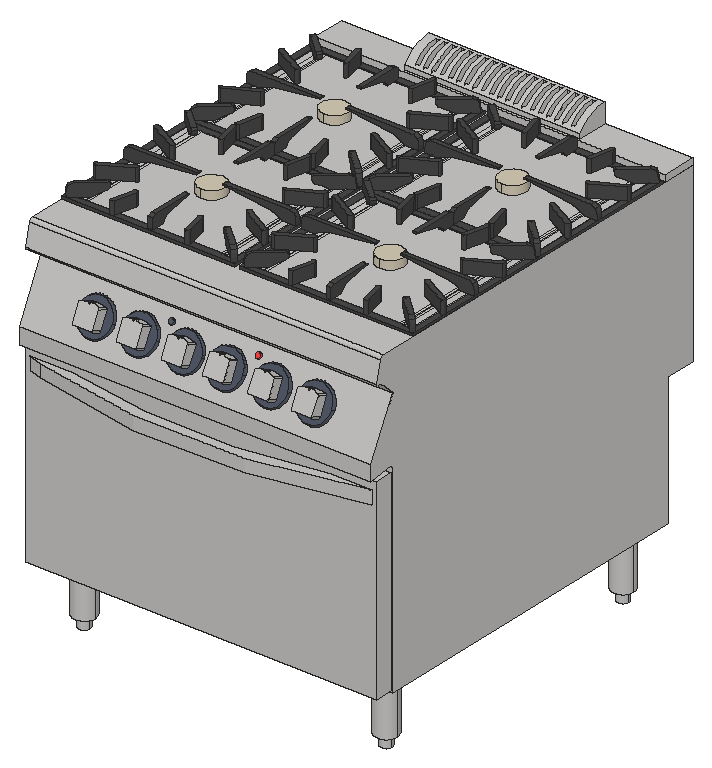
Revit family "QF_ZANUSSI_392010_Z9GCGH4SE0", category Specialty Equipment, Revit 2018
Family settings
  Round Connector Dimension = Use Diameter
  Part Type = Normal
  Work Plane-Based = No
  Always vertical = Yes
  Cut with Voids When Loaded = No
  Shared = No
  Room Calculation Point = No
Parameters
  Weight in Pounds = 115
  Weight = 0.00 kg
  Watts = 0 W
  Volts = 380 V
  URL Manufacturer = "http://www.zanussiprofessional.com"
  URL Cutsheet = "www.electrolux.com"
  URL = "http://www.zanussiprofessional.com"
  Type Mark [instance] = ""
  Steam Supply Size = 0"
  Steam Supply Minimum Pressure = 0.00 psi
  Steam Supply Maximum Pressure = 0.00 psi
  Steam Pounds per Hour = 0
  Status [instance] = ""
  Specification by User [instance] = ""
  Specification by Manufacturer = ""
  Show Logo [instance] = yes
  Show Clearance [instance] = yes
  Serial Number = ""
  Seismic Rating = ""
  SMACNA No = ""
  Revision Code [instance] = ""
  Refrigeration Suction Line Size = 0"
  Refrigeration Liquid Line Size = 0"
  Refrigerant Compressor Remote = yes
  Phase = 3
  Omniclass Number and Title = ""
  Number of Poles [instance] = 1
  NAFEM Spec ID Number = ""
  Model = "Z9GCGH4SE0"
  Min Ckt Ampacity = 0 A
  Mechanical Remarks [instance] = ""
  Mechanical Connection Type [instance] = ""
  Max Overcurrent Protection = 0 A
  Masterspec = ""
  Manufacturer = "Zanussi"
  Length Actual = 800 mm  # constant formula
  Item Number [instance] = "392010"
  Installed By [instance] = ""
  Identify Quantity as Lot [instance] = yes
  Hot Water Size = 0"
  Height Actual = 850 mm  # constant formula
  HP = "8 HP"
  Gas Size = 1/2"
  Gas RI Height [instance] = 0 mm
  Gas KW [instance] = 28
  Gas Input [instance] = 0.691056 Btu/h
  Gas Connection Height = 0 mm
  Furnished By [instance] = ""
  Foodservice Equipment Identifier [instance] = yes
  FL Amps = if(Phase = 3, Watts / (Volts * 1.73), Watts / Volts)  # 0 A
  Electrical Remarks = "400 V/3N ph/50/60 Hz"  # constant formula
  Electric Connection Type [instance] = ""
  Elec Conn RI Height [instance] = 0 mm
  Elec Conn Connection Height [instance] = 0 mm
  Direct Waste Size = 0"
  Description = "4-BURNER GAS RANGE+ELECTRIC OVEN 800 MM"
  Depth Actual = 900 mm  # constant formula
  Cycle [instance] = if([60 Hertz Option], 60 Hz, 50 Hz)  # 60 Hz
  Conn Plug = ""
  Conn Conduit = yes
  Condensate Return Size = 0"
  Compressed Air Volume = 0 GPM
  Compressed Air Size = 0"
  Compressed Air Pressure = 0.00 psi
  Cold Water Size = 0"
  CSI MasterFormat = ""
  CSI Master Format = ""
  Apparent Power = if(Phase = 3, Volts * FL Amps * 1.73, Volts * FL Amps)  # 0 VA
  Accessory = yes
  60 Hertz Option [instance] = not([50 Hertz Option])  # yes
  50 Hertz Option [instance] = no
Reference planes
  plane 1 "BACK": y = 0
  plane 2: z = 0
  plane 3 "LEFT": x = 0
  plane 4 "RIGHT": x = 800.1
  plane 5 "FRONT": y = -915
  plane 6 "TOP": z = 909
  plane 7 "Center Y": x = 400.05
  plane 8 "Center X": y = -457.5
  plane 9: z = 150
  plane 10: z = 1397
  plane 11: y = -80.962
  plane 12: z = 851
  plane 13: x = 56
  plane 14: x = 744.1
  plane 15: y = -128
  plane 16: y = -802
  plane 17: y = -1306
  plane 18: y = -900
  plane 19: x = 552.1
  plane 20: x = 757.1
  plane 21: y = -665
Forms (mm)
  Extrusion 1, solid, material "QF_Finishes_Stainless Steel"
    sketch origin (0, 0, 0) x (0, 1, 0) y (0, 0, 1)
      loop
        line (0, 851) -> (0, 865.288) -> (-76.2, 865.288) -> (-76.2, 851) -> (0, 851)
    from 0 to 800.1
  Extrusion 2, void
    sketch origin (-65.011, 0, 865.138) x (-1, 0, 0) y (0, -1, 0)
      loop
        line (-295.005, 6.761) -> (-285.709, 6.761) -> (-285.709, 63.911) -> (-295.005, 63.911) -> (-295.005, 6.761)
      loop
        line (-313.697, 6.761) -> (-304.401, 6.761) -> (-304.401, 63.911) -> (-313.697, 63.911) -> (-313.697, 6.761)
      loop
        line (-332.39, 6.761) -> (-323.094, 6.761) -> (-323.094, 63.911) -> (-332.39, 63.911) -> (-332.39, 6.761)
      loop
        line (-351.082, 6.761) -> (-341.787, 6.761) -> (-341.787, 63.911) -> (-351.082, 63.911) -> (-351.082, 6.761)
      loop
        line (-369.775, 6.761) -> (-360.479, 6.761) -> (-360.479, 63.911) -> (-369.775, 63.911) -> (-369.775, 6.761)
      loop
        line (-388.468, 6.761) -> (-379.172, 6.761) -> (-379.172, 63.911) -> (-388.468, 63.911) -> (-388.468, 6.761)
      loop
        line (-407.16, 6.761) -> (-397.864, 6.761) -> (-397.864, 63.911) -> (-407.16, 63.911) -> (-407.16, 6.761)
      loop
        line (-425.853, 6.761) -> (-416.557, 6.761) -> (-416.557, 63.911) -> (-425.853, 63.911) -> (-425.853, 6.761)
      loop
        line (-444.545, 6.761) -> (-435.25, 6.761) -> (-435.25, 63.911) -> (-444.545, 63.911) -> (-444.545, 6.761)
      loop
        line (-463.238, 6.761) -> (-453.942, 6.761) -> (-453.942, 63.911) -> (-463.238, 63.911) -> (-463.238, 6.761)
      loop
        line (-481.493, 6.761) -> (-472.635, 6.761) -> (-472.635, 63.911) -> (-481.493, 63.911) -> (-481.493, 6.761)
      loop
        line (-500.186, 6.761) -> (-490.89, 6.761) -> (-490.89, 63.911) -> (-500.186, 63.911) -> (-500.186, 6.761)
      loop
        line (-518.878, 6.761) -> (-509.583, 6.761) -> (-509.583, 63.911) -> (-518.878, 63.911) -> (-518.878, 6.761)
      loop
        line (-537.571, 6.761) -> (-528.275, 6.761) -> (-528.275, 63.911) -> (-537.571, 63.911) -> (-537.571, 6.761)
      loop
        line (-556.264, 6.761) -> (-546.968, 6.761) -> (-546.968, 63.911) -> (-556.264, 63.911) -> (-556.264, 6.761)
      loop
        line (-574.956, 6.761) -> (-565.66, 6.761) -> (-565.66, 63.911) -> (-574.956, 63.911) -> (-574.956, 6.761)
      loop
        line (-593.649, 6.761) -> (-584.353, 6.761) -> (-584.353, 63.911) -> (-593.649, 63.911) -> (-593.649, 6.761)
      loop
        line (-612.341, 6.761) -> (-603.046, 6.761) -> (-603.046, 63.911) -> (-612.341, 63.911) -> (-612.341, 6.761)
      loop
        line (-631.034, 6.761) -> (-621.738, 6.761) -> (-621.738, 63.911) -> (-631.034, 63.911) -> (-631.034, 6.761)
      loop
        line (-649.727, 6.761) -> (-640.431, 6.761) -> (-640.431, 63.911) -> (-649.727, 63.911) -> (-649.727, 6.761)
    from 9.525 to 45.348
  Extrusion 3, solid, material "QF_Finishes_Stainless Steel"
    sketch origin (400.05, 175.397, 1219.2) x (0, 1, 0) y (0, 0, 1)
      loop
        line (-175.397, -353.912) -> (-175.397, -310.2)
        arc (-175.397, -310.2) -> (-214.469, -318.821) -> (-245.247, -344.387) r 84.854
        line (-245.247, -344.387) -> (-245.247, -353.912) -> (-175.397, -353.912)
    from -200.05 to 199.95
  Extrusion 4, solid, material "QF_Clearances", visible <- "Show Clearance", detail levels coarse
    sketch origin (0, 0, 0) x (1, 0, 0) y (0, 1, 0)
      loop
        line (-100.013, -915) -> (0, -915) -> (0, 0) -> (800.1, 0) -> (800.1, -915) -> (900.113, -915) -> (900.113, 100.013) -> (-100.013, 100.013) -> (-100.013, -915)
    from 0 to 909
  Revolve 5, solid, material "QF_Finishes_Stainless Steel"
    sketch origin (800.1, -128, 611.731) x (0, 0, -1) y (1, 0, 0)
      loop
        line (461.731, -56) -> (611.731, -56) -> (611.731, -43.3) -> (586.331, -43.3) -> (586.331, -30.6) -> (461.731, -30.6) -> (461.731, -56)
      axis (611.731, -56) -> (461.731, -56)
    angle from 0 to 360
  Revolve 6, solid, material "QF_Finishes_Stainless Steel"
    sketch origin (111.125, -128, 611.731) x (0, 0, -1) y (1, 0, 0)
      loop
        line (461.731, -55.125) -> (611.731, -55.125) -> (611.731, -42.425) -> (586.331, -42.425) -> (586.331, -29.725) -> (461.731, -29.725) -> (461.731, -55.125)
      axis (611.731, -55.125) -> (461.731, -55.125)
    angle from 0 to 360
  Revolve 7, solid, material "QF_Finishes_Stainless Steel"
    sketch origin (800.1, -802, 611.731) x (0, 0, -1) y (1, 0, 0)
      loop
        line (461.731, -56) -> (611.731, -56) -> (611.731, -43.3) -> (586.331, -43.3) -> (586.331, -30.6) -> (461.731, -30.6) -> (461.731, -56)
      axis (611.731, -56) -> (461.731, -56)
    angle from 0 to 360
  Revolve 8, solid, material "QF_Finishes_Stainless Steel"
    sketch origin (111.125, -802, 611.731) x (0, 0, -1) y (1, 0, 0)
      loop
        line (461.731, -55.125) -> (611.731, -55.125) -> (611.731, -42.425) -> (586.331, -42.425) -> (586.331, -29.725) -> (461.731, -29.725) -> (461.731, -55.125)
      axis (611.731, -55.125) -> (461.731, -55.125)
    angle from 0 to 360
  Extrusion 9, solid, material "QF_Finishes_Stainless Steel"
    sketch origin (0, -851.437, 150) x (1, 0, 0) y (0, -1, 0)
      loop
        circle (757.1, -91.437) r 12.7
    from 0 to 4
  Extrusion 10, solid, material "QF_Finishes_Stainless Steel"
    sketch origin (0, -851.437, 150) x (1, 0, 0) y (0, -1, 0)
      loop
        circle (749.1, -186.437) r 6.4
    from 0 to 21
  Extrusion 11, solid, material "QF_Finishes_Stainless Steel"
    sketch origin (0, -851.437, 150) x (1, 0, 0) y (0, -1, 0)
      loop
        circle (649.1, -316.437) r 12.7
    from 0 to 3
  Extrusion 12, solid, material "QF_Finishes_Stainless Steel"
    sketch origin (0, 0, 0.775) x (0, 1, 0) y (0, 0, 1)
      loop
        line (0, 849.225) -> (-879.358, 849.225)
        arc (-879.358, 849.225) -> (-884.643, 847.036) -> (-886.833, 841.751) r 7.474
        line (-886.833, 841.751) -> (-899.884, 796.236)
        arc (-899.884, 796.236) -> (-899.396, 793.604) -> (-897, 792.409) r 3
        line (-897, 792.409) -> (-886.802, 792.409) -> (-854.982, 760.589) -> (-915, 639.733) -> (-915, 604.733) -> (-858.645, 612.653)
        arc (-858.645, 612.653) -> (-856.101, 611.899) -> (-855, 609.484) r 3.2
        line (-855, 609.484) -> (-855, 149.225) -> (-71, 149.225) -> (-71, 449.225) -> (0, 449.225) -> (0, 849.225)
      loop
        line (-900, 599.225) -> (-900, 154.225) -> (-860, 154.225) -> (-860, 599.225) -> (-900, 599.225)
    from 0 to 800.1
  Blend 13, solid, material "QF_Finishes_Navy Blue"
    base sketch origin (150, -884.991, 700.936) x (1, 0, 0) y (0, 0.444781, 0.895639)
      loop
        circle (0, 0) r 42.5
    top sketch origin (150, -884.991, 700.936) x (1, 0, 0) y (0, 0.444781, 0.895639)
      loop
        circle (0, 0) r 40.5
    from 0 to 5
  Extrusion 14, solid, material "QF_Finishes_Stainless Steel"
    sketch origin (150, -884.991, 700.936) x (1, 0, 0) y (0, 0.444781, 0.895639)
      loop
        arc (-21.147, 22.789) -> (-22.494, 21.685) -> (-23, 20.019) r 2.997
        line (-23, 20.019) -> (-23, -20.019)
        arc (-23, -20.019) -> (-22.122, -22.138) -> (-20.003, -23.016) r 2.997
        line (-20.003, -23.016) -> (20.003, -23.016)
        arc (20.003, -23.016) -> (22.122, -22.138) -> (23, -20.019) r 2.997
        line (23, -20.019) -> (23, 20.019)
        arc (23, 20.019) -> (22.494, 21.685) -> (21.147, 22.789) r 2.997
        arc (21.147, 22.789) -> (0, 26.984) -> (-21.147, 22.789) r 55.4
    from 10 to 34
  Extrusion 15, solid, material "QF_Plastic-Black-Matte"
    sketch origin (207.5, -884.991, 701.574) x (0, 0.444781, 0.895639) y (0, -0.895639, 0.444781)
      loop
        line (26.535, 33.47) -> (26.535, 18.47) -> (27.535, 18.47) -> (27.535, 33.47)
        arc (27.535, 33.47) -> (27.242, 34.177) -> (26.535, 34.47) r 1
        line (26.535, 34.47) -> (23.535, 34.47) -> (23.535, 33.47) -> (26.535, 33.47)
    from -58.5 to -56.5
  Extrusion 16, solid, material "QF_Finishes_Stainless Steel"
    sketch origin (150, -884.991, 700.936) x (1, 0, 0) y (0, 0.444781, 0.895639)
      loop
        line (17.5, 17.5) -> (-17.5, 17.5) -> (-17.5, -17.5) -> (17.5, -17.5) -> (17.5, 17.5)
    from 5 to 10
  Blend 17, solid, material "QF_Finishes_Navy Blue"
    base sketch origin (250, -884.991, 700.936) x (1, 0, 0) y (0, 0.444781, 0.895639)
      loop
        circle (0, 0) r 42.5
    top sketch origin (250, -884.991, 700.936) x (1, 0, 0) y (0, 0.444781, 0.895639)
      loop
        circle (0, 0) r 40.5
    from 0 to 5
  Extrusion 18, solid, material "QF_Finishes_Stainless Steel"
    sketch origin (250, -884.991, 700.936) x (1, 0, 0) y (0, 0.444781, 0.895639)
      loop
        arc (-21.147, 22.789) -> (-22.494, 21.685) -> (-23, 20.019) r 2.997
        line (-23, 20.019) -> (-23, -20.019)
        arc (-23, -20.019) -> (-22.122, -22.138) -> (-20.003, -23.016) r 2.997
        line (-20.003, -23.016) -> (20.003, -23.016)
        arc (20.003, -23.016) -> (22.122, -22.138) -> (23, -20.019) r 2.997
        line (23, -20.019) -> (23, 20.019)
        arc (23, 20.019) -> (22.494, 21.685) -> (21.147, 22.789) r 2.997
        arc (21.147, 22.789) -> (0, 26.984) -> (-21.147, 22.789) r 55.4
    from 10 to 34
  Extrusion 19, solid, material "QF_Finishes_Stainless Steel"
    sketch origin (250, -884.991, 700.936) x (1, 0, 0) y (0, 0.444781, 0.895639)
      loop
        line (17.5, 17.5) -> (-17.5, 17.5) -> (-17.5, -17.5) -> (17.5, -17.5) -> (17.5, 17.5)
    from 5 to 10
  Extrusion 20, solid, material "QF_Plastic-Black-Matte"
    sketch origin (192.5, -884.991, 701.574) x (0, 0.444781, 0.895639) y (0, 0.895639, -0.444781)
      loop
        line (26.535, -33.47) -> (23.535, -33.47) -> (23.535, -34.47) -> (26.535, -34.47)
        arc (26.535, -34.47) -> (27.242, -34.177) -> (27.535, -33.47) r 1
        line (27.535, -33.47) -> (27.535, -18.47) -> (26.535, -18.47) -> (26.535, -33.47)
    from -58.5 to -56.5
  Blend 21, solid, material "QF_Finishes_Navy Blue"
    base sketch origin (550.1, -884.991, 700.936) x (1, 0, 0) y (0, 0.444781, 0.895639)
      loop
        circle (0, 0) r 42.5
    top sketch origin (550.1, -884.991, 700.936) x (1, 0, 0) y (0, 0.444781, 0.895639)
      loop
        circle (0, 0) r 40.5
    from 0 to 5
  Extrusion 22, solid, material "QF_Finishes_Stainless Steel"
    sketch origin (550.1, -884.991, 700.936) x (1, 0, 0) y (0, 0.444781, 0.895639)
      loop
        arc (-21.147, 22.789) -> (-22.494, 21.685) -> (-23, 20.019) r 2.997
        line (-23, 20.019) -> (-23, -20.019)
        arc (-23, -20.019) -> (-22.122, -22.138) -> (-20.003, -23.016) r 2.997
        line (-20.003, -23.016) -> (20.003, -23.016)
        arc (20.003, -23.016) -> (22.122, -22.138) -> (23, -20.019) r 2.997
        line (23, -20.019) -> (23, 20.019)
        arc (23, 20.019) -> (22.494, 21.685) -> (21.147, 22.789) r 2.997
        arc (21.147, 22.789) -> (0, 26.984) -> (-21.147, 22.789) r 55.4
    from 10 to 34
  Extrusion 23, solid, material "QF_Plastic-Black-Matte"
    sketch origin (607.6, -884.991, 701.574) x (0, 0.444781, 0.895639) y (0, -0.895639, 0.444781)
      loop
        line (26.535, 33.47) -> (26.535, 18.47) -> (27.535, 18.47) -> (27.535, 33.47)
        arc (27.535, 33.47) -> (27.242, 34.177) -> (26.535, 34.47) r 1
        line (26.535, 34.47) -> (23.535, 34.47) -> (23.535, 33.47) -> (26.535, 33.47)
    from -58.5 to -56.5
  Extrusion 24, solid, material "QF_Finishes_Stainless Steel"
    sketch origin (550.1, -884.991, 700.936) x (1, 0, 0) y (0, 0.444781, 0.895639)
      loop
        line (17.5, 17.5) -> (-17.5, 17.5) -> (-17.5, -17.5) -> (17.5, -17.5) -> (17.5, 17.5)
    from 5 to 10
  Blend 25, solid, material "QF_Finishes_Navy Blue"
    base sketch origin (650.1, -884.991, 700.936) x (1, 0, 0) y (0, 0.444781, 0.895639)
      loop
        circle (0, 0) r 42.5
    top sketch origin (650.1, -884.991, 700.936) x (1, 0, 0) y (0, 0.444781, 0.895639)
      loop
        circle (0, 0) r 40.5
    from 0 to 5
  Extrusion 26, solid, material "QF_Finishes_Stainless Steel"
    sketch origin (650.1, -884.991, 700.936) x (1, 0, 0) y (0, 0.444781, 0.895639)
      loop
        arc (-21.147, 22.789) -> (-22.494, 21.685) -> (-23, 20.019) r 2.997
        line (-23, 20.019) -> (-23, -20.019)
        arc (-23, -20.019) -> (-22.122, -22.138) -> (-20.003, -23.016) r 2.997
        line (-20.003, -23.016) -> (20.003, -23.016)
        arc (20.003, -23.016) -> (22.122, -22.138) -> (23, -20.019) r 2.997
        line (23, -20.019) -> (23, 20.019)
        arc (23, 20.019) -> (22.494, 21.685) -> (21.147, 22.789) r 2.997
        arc (21.147, 22.789) -> (0, 26.984) -> (-21.147, 22.789) r 55.4
    from 10 to 34
  Extrusion 27, solid, material "QF_Finishes_Stainless Steel"
    sketch origin (650.1, -884.991, 700.936) x (1, 0, 0) y (0, 0.444781, 0.895639)
      loop
        line (17.5, 17.5) -> (-17.5, 17.5) -> (-17.5, -17.5) -> (17.5, -17.5) -> (17.5, 17.5)
    from 5 to 10
  Extrusion 28, solid, material "QF_Plastic-Black-Matte"
    sketch origin (592.6, -884.991, 701.574) x (0, 0.444781, 0.895639) y (0, 0.895639, -0.444781)
      loop
        line (26.535, -33.47) -> (23.535, -33.47) -> (23.535, -34.47) -> (26.535, -34.47)
        arc (26.535, -34.47) -> (27.242, -34.177) -> (27.535, -33.47) r 1
        line (27.535, -33.47) -> (27.535, -18.47) -> (26.535, -18.47) -> (26.535, -33.47)
    from -58.5 to -56.5
  Extrusion 29, solid, material "QF_Finishes_Door Clearance", visible <- "Show Clearance", detail levels coarse
    sketch origin (0, -200, 0) x (0, 1, 0) y (0, 0, 1)
      loop
        arc (-700, 600) -> (-991.621, 457.58) -> (-1108.972, 155) r 445
        line (-1108.972, 155) -> (-700, 155) -> (-700, 600)
    from 0 to 800
  Extrusion 30, solid, material "QF_Finishes_Stainless Steel"
    sketch origin (0, -200, 150) x (-1, 0, 0) y (0, -1, 0)
      loop
        line (-790, 700) -> (-696.395, 700)
        arc (-696.395, 700) -> (-400, 735) -> (-103.605, 700) r 1272.5
        line (-103.605, 700) -> (-10, 700)
        arc (-10, 700) -> (-27.217, 705.295) -> (-44.506, 710.35) r 1297.5
        arc (-44.506, 710.35) -> (-418.013, 759.875) -> (-790, 700) r 1297.5
    from 400 to 430
  Blend 31, solid, material "QF_Finishes_Navy Blue"
    base sketch origin (447.55, -884.991, 700.936) x (1, 0, 0) y (0, 0.444781, 0.895639)
      loop
        circle (0, 0) r 42.5
    top sketch origin (447.55, -884.991, 700.936) x (1, 0, 0) y (0, 0.444781, 0.895639)
      loop
        circle (0, 0) r 40.5
    from 0 to 5
  Extrusion 32, solid, material "QF_Finishes_Stainless Steel"
    sketch origin (215.05, -884.991, 700.936) x (1, 0, 0) y (0, 0.444781, 0.895639)
      loop
        arc (211.353, 22.789) -> (210.006, 21.685) -> (209.5, 20.019) r 2.997
        line (209.5, 20.019) -> (209.5, -20.019)
        arc (209.5, -20.019) -> (210.378, -22.138) -> (212.497, -23.016) r 2.997
        line (212.497, -23.016) -> (252.503, -23.016)
        arc (252.503, -23.016) -> (254.622, -22.138) -> (255.5, -20.019) r 2.997
        line (255.5, -20.019) -> (255.5, 20.019)
        arc (255.5, 20.019) -> (254.994, 21.685) -> (253.647, 22.789) r 2.997
        arc (253.647, 22.789) -> (232.5, 26.984) -> (211.353, 22.789) r 55.4
    from 10 to 34
  Extrusion 33, solid, material "QF_Plastic-Black-Matte"
    sketch origin (295.05, -884.991, 700.936) x (0, 0.444781, 0.895639) y (0, 0.895639, -0.444781)
      loop
        line (26.984, -34) -> (23.984, -34) -> (23.984, -35) -> (26.984, -35)
        arc (26.984, -35) -> (27.691, -34.707) -> (27.984, -34) r 1
        line (27.984, -34) -> (27.984, -19) -> (26.984, -19) -> (26.984, -34)
    from -58.5 to -56.5
  Extrusion 34, solid, material "QF_Finishes_Stainless Steel"
    sketch origin (352.55, -884.991, 700.936) x (-1, 0, 0) y (0, -0.444781, -0.895639)
      loop
        line (17.5, -17.5) -> (17.5, 17.5) -> (-17.5, 17.5) -> (-17.5, -17.5) -> (17.5, -17.5)
    from 5 to 10
  Extrusion 35, solid, material "QF_Finishes_Stainless Steel"
    sketch origin (352.55, -884.991, 700.936) x (-1, 0, 0) y (0, -0.444781, -0.895639)
      loop
        arc (-21.147, -22.789) -> (0, -26.984) -> (21.147, -22.789) r 55.4
        arc (21.147, -22.789) -> (22.494, -21.685) -> (23, -20.019) r 2.997
        line (23, -20.019) -> (23, 20.019)
        arc (23, 20.019) -> (22.122, 22.138) -> (20.003, 23.016) r 2.997
        line (20.003, 23.016) -> (-20.003, 23.016)
        arc (-20.003, 23.016) -> (-22.122, 22.138) -> (-23, 20.019) r 2.997
        line (-23, 20.019) -> (-23, -20.019)
        arc (-23, -20.019) -> (-22.494, -21.685) -> (-21.147, -22.789) r 2.997
    from 10 to 34
  Blend 36, solid, material "QF_Finishes_Navy Blue"
    base sketch origin (352.55, -884.991, 700.936) x (1, 0, 0) y (0, 0.444781, 0.895639)
      loop
        circle (0, 0) r 42.5
    top sketch origin (352.55, -884.991, 700.936) x (1, 0, 0) y (0, 0.444781, 0.895639)
      loop
        circle (0, 0) r 40.5
    from 0 to 5
  Extrusion 37, solid, material "QF_Plastic-Black-Matte"
    sketch origin (390.05, -884.991, 700.936) x (0, 0.444781, 0.895639) y (0, 0.895639, -0.444781)
      loop
        line (26.984, -34) -> (23.984, -34) -> (23.984, -35) -> (26.984, -35)
        arc (26.984, -35) -> (27.691, -34.707) -> (27.984, -34) r 1
        line (27.984, -34) -> (27.984, -19) -> (26.984, -19) -> (26.984, -34)
    from -58.5 to -56.5
  Extrusion 38, solid, material "QF_Finishes_Stainless Steel"
    sketch origin (447.55, -884.991, 700.936) x (-1, 0, 0) y (0, -0.444781, -0.895639)
      loop
        line (17.5, -17.5) -> (17.5, 17.5) -> (-17.5, 17.5) -> (-17.5, -17.5) -> (17.5, -17.5)
    from 5 to 10
  Extrusion 39, solid, material "QF_Finishes_Red"
    sketch origin (105.05, -1029.045, 410.86) x (0, 0.444781, 0.895639) y (-1, 0, 0)
      loop
        circle (366.376, -400) r 6
    from 0 to 1.6
  Extrusion 40, solid, material "QF_Finishes_DarkGreen"
    sketch origin (-92.5, -1029.045, 410.86) x (0, 0.444781, 0.895639) y (-1, 0, 0)
      loop
        circle (366.376, -400) r 6
    from 0 to 1.6
Cuts and joins
  Extrusion 2 cuts Extrusion 3
Lines and regions (mm)
  Split face 1
    outline origin (150, -889.469, 703.16) x (1, 0, 0) y (0, 0.444781, 0.895639)
      loop
        circle (-33, 0) r 3
  Split face 2
    outline origin (155.901, -889.469, 703.16) x (1, 0, 0) y (0, 0.444781, 0.895639)
      loop
        line (-8.901, 38.561) -> (-8.901, 28.561) -> (-2.901, 28.561) -> (-2.901, 38.561) -> (-8.901, 38.561)
  Split face 3
    outline origin (155.901, -889.469, 703.16) x (1, 0, 0) y (0, 0.444781, 0.895639)
      loop
        line (-8.401, 38.061) -> (-8.401, 29.061) -> (-3.401, 29.061) -> (-3.401, 38.061) -> (-8.401, 38.061)
  Split face 4
    outline origin (175.657, -875.159, 731.975) x (-1, 0, 0) y (0, -0.444781, -0.895639)
      loop
        circle (43.456, 61.543) r 1.5
  Split face 5
    outline origin (150, -889.469, 703.16) x (1, 0, 0) y (0, 0.444781, 0.895639)
      loop
        circle (-24.487, 26.694) r 3.497
  Split face 6
    outline origin (155.901, -859.615, 763.276) x (1, 0, 0) y (0, 0.444781, 0.895639)
      loop
        line (-8.401, -34.061) -> (-3.401, -34.061)
  Split face 7
    outline origin (155.901, -859.615, 763.276) x (1, 0, 0) y (0, 0.444781, 0.895639)
      loop
        line (-8.401, -33.561) -> (-3.401, -33.561)
  Split face 8
    outline origin (155.901, -859.615, 763.276) x (1, 0, 0) y (0, 0.444781, 0.895639)
      loop
        circle (-5.901, -31.311) r 2.029
  Split face 9
    outline origin (255.901, -889.469, 703.16) x (1, 0, 0) y (0, 0.444781, 0.895639)
      loop
        line (-8.901, 38.561) -> (-8.901, 28.561) -> (-2.901, 28.561) -> (-2.901, 38.561) -> (-8.901, 38.561)
  Split face 10
    outline origin (255.901, -889.469, 703.16) x (1, 0, 0) y (0, 0.444781, 0.895639)
      loop
        line (-8.401, 38.061) -> (-8.401, 29.061) -> (-3.401, 29.061) -> (-3.401, 38.061) -> (-8.401, 38.061)
  Split face 11
    outline origin (255.901, -889.469, 703.16) x (1, 0, 0) y (0, 0.444781, 0.895639)
      loop
        line (-8.401, 34.061) -> (-3.401, 34.061)
  Split face 12
    outline origin (255.901, -889.469, 703.16) x (1, 0, 0) y (0, 0.444781, 0.895639)
      loop
        line (-8.401, 33.561) -> (-3.401, 33.561)
  Split face 13
    outline origin (255.901, -889.469, 703.16) x (1, 0, 0) y (0, 0.444781, 0.895639)
      loop
        circle (-5.901, 31.311) r 2.029
  Split face 14
    outline origin (250, -889.469, 703.16) x (1, 0, 0) y (0, 0.444781, 0.895639)
      loop
        circle (-33, 0) r 3
  Split face 15
    outline origin (275.657, -875.159, 731.975) x (-1, 0, 0) y (0, -0.444781, -0.895639)
      loop
        circle (43.456, 61.543) r 1.5
  Split face 16
    outline origin (250, -889.469, 703.16) x (1, 0, 0) y (0, 0.444781, 0.895639)
      loop
        circle (-24.487, 26.694) r 3.497
  Split face 17
    outline origin (550.1, -889.469, 703.16) x (1, 0, 0) y (0, 0.444781, 0.895639)
      loop
        circle (-33, 0) r 3
  Split face 18
    outline origin (556.001, -889.469, 703.16) x (1, 0, 0) y (0, 0.444781, 0.895639)
      loop
        line (-8.901, 38.561) -> (-8.901, 28.561) -> (-2.901, 28.561) -> (-2.901, 38.561) -> (-8.901, 38.561)
  Split face 19
    outline origin (556.001, -889.469, 703.16) x (1, 0, 0) y (0, 0.444781, 0.895639)
      loop
        line (-8.401, 38.061) -> (-8.401, 29.061) -> (-3.401, 29.061) -> (-3.401, 38.061) -> (-8.401, 38.061)
  Split face 20
    outline origin (575.757, -875.159, 731.975) x (-1, 0, 0) y (0, -0.444781, -0.895639)
      loop
        circle (43.456, 61.543) r 1.5
  Split face 21
    outline origin (550.1, -889.469, 703.16) x (1, 0, 0) y (0, 0.444781, 0.895639)
      loop
        circle (-24.487, 26.694) r 3.497
  Split face 22
    outline origin (556.001, -859.615, 763.276) x (1, 0, 0) y (0, 0.444781, 0.895639)
      loop
        line (-8.401, -34.061) -> (-3.401, -34.061)
  Split face 23
    outline origin (556.001, -859.615, 763.276) x (1, 0, 0) y (0, 0.444781, 0.895639)
      loop
        line (-8.401, -33.561) -> (-3.401, -33.561)
  Split face 24
    outline origin (556.001, -859.615, 763.276) x (1, 0, 0) y (0, 0.444781, 0.895639)
      loop
        circle (-5.901, -31.311) r 2.029
  Split face 25
    outline origin (656.001, -889.469, 703.16) x (1, 0, 0) y (0, 0.444781, 0.895639)
      loop
        line (-8.901, 38.561) -> (-8.901, 28.561) -> (-2.901, 28.561) -> (-2.901, 38.561) -> (-8.901, 38.561)
  Split face 26
    outline origin (656.001, -889.469, 703.16) x (1, 0, 0) y (0, 0.444781, 0.895639)
      loop
        line (-8.401, 38.061) -> (-8.401, 29.061) -> (-3.401, 29.061) -> (-3.401, 38.061) -> (-8.401, 38.061)
  Split face 27
    outline origin (656.001, -889.469, 703.16) x (1, 0, 0) y (0, 0.444781, 0.895639)
      loop
        line (-8.401, 34.061) -> (-3.401, 34.061)
  Split face 28
    outline origin (656.001, -889.469, 703.16) x (1, 0, 0) y (0, 0.444781, 0.895639)
      loop
        line (-8.401, 33.561) -> (-3.401, 33.561)
  Split face 29
    outline origin (656.001, -889.469, 703.16) x (1, 0, 0) y (0, 0.444781, 0.895639)
      loop
        circle (-5.901, 31.311) r 2.029
  Split face 30
    outline origin (650.1, -889.469, 703.16) x (1, 0, 0) y (0, 0.444781, 0.895639)
      loop
        circle (-33, 0) r 3
  Split face 31
    outline origin (675.757, -875.159, 731.975) x (-1, 0, 0) y (0, -0.444781, -0.895639)
      loop
        circle (43.456, 61.543) r 1.5
  Split face 32
    outline origin (650.1, -889.469, 703.16) x (1, 0, 0) y (0, 0.444781, 0.895639)
      loop
        circle (-24.487, 26.694) r 3.497
  Split face 33
    outline origin (447.55, -889.469, 703.16) x (1, 0, 0) y (0, 0.444781, 0.895639)
      loop
        circle (0, 33) r 1
  Split face 34
    outline origin (447.55, -889.469, 703.16) x (1, 0, 0) y (0, 0.444781, 0.895639)
      loop
        circle (-33, 0) r 1
  Split face 35
    outline origin (447.55, -889.469, 703.16) x (-1, 0, 0) y (0, 0.444781, 0.895639)
      loop
        circle (31.876, -8.541) r 1
  Split face 36
    outline origin (447.55, -889.469, 703.16) x (-1, 0, 0) y (0, 0.444781, 0.895639)
      loop
        circle (28.579, -16.5) r 1
  Split face 37
    outline origin (447.55, -889.469, 703.16) x (-1, 0, 0) y (0, 0.444781, 0.895639)
      loop
        circle (23.335, -23.335) r 1
  Split face 38
    outline origin (447.55, -889.469, 703.16) x (-1, 0, 0) y (0, 0.444781, 0.895639)
      loop
        circle (16.5, -28.579) r 1
  Split face 39
    outline origin (447.55, -889.469, 703.16) x (-1, 0, 0) y (0, 0.444781, 0.895639)
      loop
        circle (8.541, -31.876) r 1
  Split face 40
    outline origin (447.55, -889.469, 703.16) x (1, 0, 0) y (0, -0.444781, -0.895639)
      loop
        circle (33, 0) r 1
  Split face 41
    outline origin (447.55, -889.469, 703.16) x (-1, 0, 0) y (0, -0.444781, -0.895639)
      loop
        circle (-8.541, 31.876) r 1
  Split face 42
    outline origin (447.55, -889.469, 703.16) x (-1, 0, 0) y (0, -0.444781, -0.895639)
      loop
        circle (-16.5, 28.579) r 1
  Split face 43
    outline origin (447.55, -889.469, 703.16) x (-1, 0, 0) y (0, -0.444781, -0.895639)
      loop
        circle (-23.335, 23.335) r 1
  Split face 44
    outline origin (447.55, -889.469, 703.16) x (-1, 0, 0) y (0, -0.444781, -0.895639)
      loop
        circle (-28.579, 16.5) r 1
  Split face 45
    outline origin (447.55, -889.469, 703.16) x (-1, 0, 0) y (0, -0.444781, -0.895639)
      loop
        circle (-31.876, 8.541) r 1
  Split face 46
    outline origin (447.55, -889.469, 703.16) x (1, 0, 0) y (0, 0.444781, 0.895639)
      loop
        circle (0, -33) r 1
  Split face 47
    outline origin (352.55, -889.469, 703.16) x (1, 0, 0) y (0, 0.444781, 0.895639)
      loop
        line (-35.5, 0.5) -> (-29.5, 0.5) -> (-29.5, 2.5) -> (-35.5, 2.5) -> (-35.5, 0.5)
  Split face 48
    outline origin (352.55, -890.803, 700.473) x (1, 0, 0) y (0, 0.444781, 0.895639)
      loop
        line (-35.5, 0.5) -> (-29.5, 0.5) -> (-29.5, 2.5) -> (-35.5, 2.5) -> (-35.5, 0.5)
  Split face 49
    outline origin (352.55, -889.469, 703.16) x (1, 0, 0) y (0, 0.444781, 0.895639)
      loop
        line (-3, -32.32) -> (-3, -34.32) -> (3, -34.32) -> (3, -32.32) -> (-3, -32.32)
  Split face 50
    outline origin (352.55, -889.469, 703.16) x (1, 0, 0) y (0, 0.444781, 0.895639)
      loop
        circle (0, 34.714) r 1.714
  symbolic lines, style "QF_Clearances", visible <- "Show Clearance", detail levels coarse
    curve 1: line (-100.013, -915, 0) -> (-100.013, 100.013, 0)
    curve 2: line (-100.013, 100.013, 0) -> (900.113, 100.013, 0)
    curve 3: line (900.113, 100.013, 0) -> (900.113, -914.604, 0)
  symbolic lines
    curve 4: line (0, 0, 0) -> (800.1, 0, 0)
    curve 5: line (800.1, 0, 0) -> (800.1, -915, 0)
    curve 6: line (0, -915, 0) -> (0, 0, 0)
    curve 7: line (0, -76.2, 0) -> (800.1, -76.2, 0)
    curve 11: line (200, -69.85, 0) -> (600, -69.85, 0)
    curve 12: line (220.698, -63.911, 0) -> (220.698, -6.761, 0)
    curve 13: line (220.698, -6.761, 0) -> (229.994, -6.761, 0)
    curve 14: line (229.994, -6.761, 0) -> (229.994, -63.911, 0)
    curve 15: line (229.994, -63.911, 0) -> (220.698, -63.911, 0)
    curve 16: line (239.39, -63.911, 0) -> (239.39, -6.761, 0)
    curve 17: line (239.39, -6.761, 0) -> (248.686, -6.761, 0)
    curve 18: line (248.686, -6.761, 0) -> (248.686, -63.911, 0)
    curve 19: line (248.686, -63.911, 0) -> (239.39, -63.911, 0)
    curve 20: line (258.083, -63.911, 0) -> (258.083, -6.761, 0)
    curve 21: line (258.083, -6.761, 0) -> (267.379, -6.761, 0)
    curve 22: line (267.379, -6.761, 0) -> (267.379, -63.911, 0)
    curve 23: line (267.379, -63.911, 0) -> (258.083, -63.911, 0)
    curve 24: line (276.776, -63.911, 0) -> (276.776, -6.761, 0)
    curve 25: line (276.776, -6.761, 0) -> (286.071, -6.761, 0)
    curve 26: line (286.071, -6.761, 0) -> (286.071, -63.911, 0)
    curve 27: line (286.071, -63.911, 0) -> (276.776, -63.911, 0)
    curve 28: line (295.468, -63.911, 0) -> (295.468, -6.761, 0)
    curve 29: line (295.468, -6.761, 0) -> (304.764, -6.761, 0)
    curve 30: line (304.764, -6.761, 0) -> (304.764, -63.911, 0)
    curve 31: line (304.764, -63.911, 0) -> (295.468, -63.911, 0)
    curve 32: line (314.161, -63.911, 0) -> (314.161, -6.761, 0)
    curve 33: line (314.161, -6.761, 0) -> (323.457, -6.761, 0)
    curve 34: line (323.457, -6.761, 0) -> (323.457, -63.911, 0)
    curve 35: line (323.457, -63.911, 0) -> (314.161, -63.911, 0)
    curve 36: line (332.854, -63.911, 0) -> (332.854, -6.761, 0)
    curve 37: line (332.854, -6.761, 0) -> (342.149, -6.761, 0)
    curve 38: line (342.149, -6.761, 0) -> (342.149, -63.911, 0)
    curve 39: line (342.149, -63.911, 0) -> (332.854, -63.911, 0)
    curve 40: line (351.546, -63.911, 0) -> (351.546, -6.761, 0)
    curve 41: line (351.546, -6.761, 0) -> (360.842, -6.761, 0)
    curve 42: line (360.842, -6.761, 0) -> (360.842, -63.911, 0)
    curve 43: line (360.842, -63.911, 0) -> (351.546, -63.911, 0)
    curve 44: line (370.239, -63.911, 0) -> (370.239, -6.761, 0)
    curve 45: line (370.239, -6.761, 0) -> (379.534, -6.761, 0)
    curve 46: line (379.534, -6.761, 0) -> (379.534, -63.911, 0)
    curve 47: line (379.534, -63.911, 0) -> (370.239, -63.911, 0)
    curve 48: line (388.931, -63.911, 0) -> (388.931, -6.761, 0)
    curve 49: line (388.931, -6.761, 0) -> (398.227, -6.761, 0)
    curve 50: line (398.227, -6.761, 0) -> (398.227, -63.911, 0)
    curve 51: line (398.227, -63.911, 0) -> (388.931, -63.911, 0)
    curve 52: line (407.624, -63.911, 0) -> (407.624, -6.761, 0)
    curve 53: line (407.624, -6.761, 0) -> (416.482, -6.761, 0)
    curve 54: line (416.482, -6.761, 0) -> (416.482, -63.911, 0)
    curve 55: line (416.482, -63.911, 0) -> (407.624, -63.911, 0)
    curve 56: line (425.879, -63.911, 0) -> (425.879, -6.761, 0)
    curve 57: line (425.879, -6.761, 0) -> (435.175, -6.761, 0)
    curve 58: line (435.175, -6.761, 0) -> (435.175, -63.911, 0)
    curve 59: line (435.175, -63.911, 0) -> (425.879, -63.911, 0)
    curve 60: line (444.572, -63.911, 0) -> (444.572, -6.761, 0)
    curve 61: line (444.572, -6.761, 0) -> (453.867, -6.761, 0)
    curve 62: line (453.867, -6.761, 0) -> (453.867, -63.911, 0)
    curve 63: line (453.867, -63.911, 0) -> (444.572, -63.911, 0)
    curve 64: line (463.264, -63.911, 0) -> (463.264, -6.761, 0)
    curve 65: line (463.264, -6.761, 0) -> (472.56, -6.761, 0)
    curve 66: line (472.56, -6.761, 0) -> (472.56, -63.911, 0)
    curve 67: line (472.56, -63.911, 0) -> (463.264, -63.911, 0)
    curve 68: line (481.957, -63.911, 0) -> (481.957, -6.761, 0)
    curve 69: line (481.957, -6.761, 0) -> (491.253, -6.761, 0)
    curve 70: line (491.253, -6.761, 0) -> (491.253, -63.911, 0)
    curve 71: line (491.253, -63.911, 0) -> (481.957, -63.911, 0)
    curve 72: line (500.65, -63.911, 0) -> (500.65, -6.761, 0)
    curve 73: line (500.65, -6.761, 0) -> (509.945, -6.761, 0)
    curve 74: line (509.945, -6.761, 0) -> (509.945, -63.911, 0)
    curve 75: line (509.945, -63.911, 0) -> (500.65, -63.911, 0)
    curve 76: line (519.342, -63.911, 0) -> (519.342, -6.761, 0)
    curve 77: line (519.342, -6.761, 0) -> (528.638, -6.761, 0)
    curve 78: line (528.638, -6.761, 0) -> (528.638, -63.911, 0)
    curve 79: line (528.638, -63.911, 0) -> (519.342, -63.911, 0)
    curve 80: line (538.035, -63.911, 0) -> (538.035, -6.761, 0)
    curve 81: line (538.035, -6.761, 0) -> (547.33, -6.761, 0)
    curve 82: line (547.33, -6.761, 0) -> (547.33, -63.911, 0)
    curve 83: line (547.33, -63.911, 0) -> (538.035, -63.911, 0)
    curve 84: line (556.727, -63.911, 0) -> (556.727, -6.761, 0)
    curve 85: line (556.727, -6.761, 0) -> (566.023, -6.761, 0)
    curve 86: line (566.023, -6.761, 0) -> (566.023, -63.911, 0)
    curve 87: line (566.023, -63.911, 0) -> (556.727, -63.911, 0)
    curve 88: line (575.42, -63.911, 0) -> (575.42, -6.761, 0)
    curve 89: line (575.42, -6.761, 0) -> (584.716, -6.761, 0)
    curve 90: line (584.716, -6.761, 0) -> (584.716, -63.911, 0)
    curve 91: line (584.716, -63.911, 0) -> (575.42, -63.911, 0)
    curve 92: line (600, -69.85, 0) -> (600, 0, 0)
    curve 93: line (200, 0, 0) -> (200, -69.85, 0)
    curve 94: line (127, -900, 0) -> (127, -924.347, 0)
    curve 95: arc (127, -924.347, 0) -> (127.146, -924.811, 0) -> (127.532, -925.107, 0) r 0.809
    curve 96: arc (127.532, -925.107, 0) -> (128.72, -925.587, 0) -> (129.997, -925.68, 0) r 4.127
    curve 97: arc (127, -904.292, 0) -> (121.959, -902.458, 0) -> (117.191, -900, 0) r 42.24
    curve 98: arc (127, -906.539, 0) -> (127.502, -905.818, 0) -> (128.299, -905.448, 0) r 1.682
    curve 99: arc (128.299, -905.448, 0) -> (138.602, -903.95, 0) -> (149, -903.441, 0) r 109.079
    curve 100: line (149, -900, 0) -> (149, -905.671, 0)
    curve 101: line (149, -905.671, 0) -> (151, -905.671, 0)
    curve 102: line (151, -905.671, 0) -> (151, -900, 0)
    curve 103: line (173, -900, 0) -> (173, -924.347, 0)
    curve 104: arc (173, -924.347, 0) -> (172.854, -924.811, 0) -> (172.468, -925.107, 0) r 0.809
    curve 105: arc (172.468, -925.107, 0) -> (171.28, -925.587, 0) -> (170.003, -925.68, 0) r 4.127
    curve 106: arc (173, -904.292, 0) -> (178.041, -902.458, 0) -> (182.809, -900, 0) r 42.24
    curve 107: arc (173, -906.539, 0) -> (172.498, -905.818, 0) -> (171.701, -905.448, 0) r 1.682
    curve 108: arc (171.701, -905.448, 0) -> (161.398, -903.95, 0) -> (151, -903.441, 0) r 109.079
    curve 109: line (129.997, -925.68, 0) -> (170.003, -925.68, 0)
    curve 110: line (227, -900, 0) -> (227, -924.347, 0)
    curve 111: arc (227, -924.347, 0) -> (227.146, -924.811, 0) -> (227.532, -925.107, 0) r 0.809
    curve 112: arc (227.532, -925.107, 0) -> (228.72, -925.587, 0) -> (229.997, -925.68, 0) r 4.127
    curve 113: arc (227, -904.292, 0) -> (221.959, -902.458, 0) -> (217.191, -900, 0) r 42.24
    curve 114: arc (227, -906.539, 0) -> (227.502, -905.818, 0) -> (228.299, -905.448, 0) r 1.682
    curve 115: arc (228.299, -905.448, 0) -> (238.602, -903.95, 0) -> (249, -903.441, 0) r 109.079
    curve 116: line (249, -900, 0) -> (249, -905.671, 0)
    curve 117: line (249, -905.671, 0) -> (251, -905.671, 0)
    curve 118: line (251, -905.671, 0) -> (251, -900, 0)
    curve 119: line (273, -900, 0) -> (273, -924.347, 0)
    curve 120: arc (273, -924.347, 0) -> (272.854, -924.811, 0) -> (272.468, -925.107, 0) r 0.809
    curve 121: arc (272.468, -925.107, 0) -> (271.28, -925.587, 0) -> (270.003, -925.68, 0) r 4.127
    curve 122: arc (273, -904.292, 0) -> (278.041, -902.458, 0) -> (282.809, -900, 0) r 42.24
    curve 123: arc (273, -906.539, 0) -> (272.498, -905.818, 0) -> (271.701, -905.448, 0) r 1.682
    curve 124: arc (271.701, -905.448, 0) -> (261.398, -903.95, 0) -> (251, -903.441, 0) r 109.079
    curve 125: line (229.997, -925.68, 0) -> (270.003, -925.68, 0)
    curve 126: line (424.55, -900, 0) -> (424.55, -924.347, 0)
    curve 127: arc (424.55, -924.347, 0) -> (424.696, -924.811, 0) -> (425.082, -925.107, 0) r 0.809
    curve 128: arc (425.082, -925.107, 0) -> (426.27, -925.587, 0) -> (427.547, -925.68, 0) r 4.127
    curve 129: arc (424.55, -904.292, 0) -> (419.509, -902.458, 0) -> (414.741, -900, 0) r 42.24
    curve 130: arc (424.55, -906.539, 0) -> (425.052, -905.818, 0) -> (425.849, -905.448, 0) r 1.682
    curve 131: arc (425.849, -905.448, 0) -> (436.152, -903.95, 0) -> (446.55, -903.441, 0) r 109.079
    curve 132: line (446.55, -900, 0) -> (446.55, -905.671, 0)
    curve 133: line (446.55, -905.671, 0) -> (448.55, -905.671, 0)
    curve 134: line (448.55, -905.671, 0) -> (448.55, -900, 0)
    curve 135: line (470.55, -900, 0) -> (470.55, -924.347, 0)
    curve 136: arc (470.55, -924.347, 0) -> (470.404, -924.811, 0) -> (470.018, -925.107, 0) r 0.809
    curve 137: arc (470.018, -925.107, 0) -> (468.83, -925.587, 0) -> (467.553, -925.68, 0) r 4.127
    curve 138: arc (470.55, -904.292, 0) -> (475.591, -902.458, 0) -> (480.359, -900, 0) r 42.24
    curve 139: arc (470.55, -906.539, 0) -> (470.048, -905.818, 0) -> (469.251, -905.448, 0) r 1.682
    curve 140: arc (469.251, -905.448, 0) -> (458.948, -903.95, 0) -> (448.55, -903.441, 0) r 109.079
    curve 141: line (427.547, -925.68, 0) -> (467.553, -925.68, 0)
    curve 142: line (626.997, -900, 0) -> (626.997, -924.347, 0)
    curve 143: arc (626.997, -924.347, 0) -> (627.144, -924.811, 0) -> (627.53, -925.107, 0) r 0.809
    curve 144: arc (627.53, -925.107, 0) -> (628.717, -925.587, 0) -> (629.995, -925.68, 0) r 4.127
    curve 145: arc (626.997, -904.292, 0) -> (621.956, -902.458, 0) -> (617.188, -900, 0) r 42.24
    curve 146: arc (626.997, -906.539, 0) -> (627.5, -905.818, 0) -> (628.297, -905.448, 0) r 1.682
    curve 147: arc (628.297, -905.448, 0) -> (638.599, -903.95, 0) -> (648.997, -903.441, 0) r 109.079
    curve 148: line (648.997, -900, 0) -> (648.997, -905.671, 0)
    curve 149: line (648.997, -905.671, 0) -> (650.997, -905.671, 0)
    curve 150: line (650.997, -905.671, 0) -> (650.997, -900, 0)
    curve 151: line (672.997, -900, 0) -> (672.997, -924.347, 0)
    curve 152: arc (672.997, -924.347, 0) -> (672.851, -924.811, 0) -> (672.465, -925.107, 0) r 0.809
    curve 153: arc (672.465, -925.107, 0) -> (671.278, -925.587, 0) -> (670, -925.68, 0) r 4.127
    curve 154: arc (672.997, -906.539, 0) -> (672.495, -905.818, 0) -> (671.698, -905.448, 0) r 1.682
    curve 155: arc (671.698, -905.448, 0) -> (661.396, -903.95, 0) -> (650.997, -903.441, 0) r 109.079
    curve 156: line (629.995, -925.68, 0) -> (670, -925.68, 0)
    curve 157: line (0, -900, 0) -> (800.1, -900, 0)
    curve 158: line (527.1, -900, 0) -> (527.1, -924.347, 0)
    curve 159: arc (527.1, -924.347, 0) -> (527.246, -924.811, 0) -> (527.632, -925.107, 0) r 0.809
    curve 160: arc (527.632, -925.107, 0) -> (528.82, -925.587, 0) -> (530.097, -925.68, 0) r 4.127
    curve 161: arc (527.1, -904.292, 0) -> (522.059, -902.458, 0) -> (517.291, -900, 0) r 42.24
    curve 162: arc (527.1, -906.539, 0) -> (527.602, -905.818, 0) -> (528.399, -905.448, 0) r 1.682
    curve 163: arc (528.399, -905.448, 0) -> (538.702, -903.95, 0) -> (549.1, -903.441, 0) r 109.079
    curve 164: line (549.1, -900, 0) -> (549.1, -905.671, 0)
    curve 165: line (549.1, -905.671, 0) -> (551.1, -905.671, 0)
    curve 166: line (551.1, -905.671, 0) -> (551.1, -900, 0)
    curve 167: line (573.1, -900, 0) -> (573.1, -924.347, 0)
    curve 168: arc (573.1, -924.347, 0) -> (572.954, -924.811, 0) -> (572.568, -925.107, 0) r 0.809
    curve 169: arc (572.568, -925.107, 0) -> (571.38, -925.587, 0) -> (570.103, -925.68, 0) r 4.127
    curve 170: arc (573.1, -904.292, 0) -> (578.141, -902.458, 0) -> (582.909, -900, 0) r 42.24
    curve 171: arc (573.1, -906.539, 0) -> (572.598, -905.818, 0) -> (571.801, -905.448, 0) r 1.682
    curve 172: arc (571.801, -905.448, 0) -> (561.498, -903.95, 0) -> (551.1, -903.441, 0) r 109.079
    curve 173: line (530.097, -925.68, 0) -> (570.103, -925.68, 0)
    curve 174: line (0, -915, 0) -> (127, -915, 0)
    curve 175: line (173, -915, 0) -> (227, -915, 0)
    curve 176: line (273, -915, 0) -> (329.55, -915, 0)
    curve 177: line (375.55, -915, 0) -> (424.55, -915, 0)
    curve 178: line (470.55, -915, 0) -> (527.1, -915, 0)
    curve 179: line (573.1, -915, 0) -> (626.997, -915, 0)
    curve 180: line (672.997, -915, 0) -> (800.1, -915, 0)
    curve 181: arc (61.252, -915, 0) -> (400, -960, 0) -> (738.748, -915, 0) r 1297.5
    curve 182: arc (227, -923.185, 0) -> (199.954, -919.177, 0) -> (173, -914.589, 0) r 1272.5
    curve 183: arc (553.73, -925.68, 0) -> (400, -935, 0) -> (246.27, -925.68, 0) r 1272.5
    curve 184: arc (626.997, -914.59, 0) -> (600.095, -919.17, 0) -> (573.1, -923.172, 0) r 1272.5
    curve 185: line (329.55, -900, 0) -> (329.55, -924.347, 0)
    curve 186: arc (329.55, -924.347, 0) -> (329.696, -924.811, 0) -> (330.082, -925.107, 0) r 0.809
    curve 187: arc (330.082, -925.107, 0) -> (331.27, -925.587, 0) -> (332.547, -925.68, 0) r 4.127
    curve 188: arc (329.55, -904.292, 0) -> (324.509, -902.458, 0) -> (319.741, -900, 0) r 42.24
    curve 189: arc (329.55, -906.539, 0) -> (330.052, -905.818, 0) -> (330.849, -905.448, 0) r 1.682
    curve 190: arc (330.849, -905.448, 0) -> (341.152, -903.95, 0) -> (351.55, -903.441, 0) r 109.079
    curve 191: line (351.55, -900, 0) -> (351.55, -905.671, 0)
    curve 192: line (351.55, -905.671, 0) -> (353.55, -905.671, 0)
    curve 193: line (353.55, -905.671, 0) -> (353.55, -900, 0)
    curve 194: line (375.55, -900, 0) -> (375.55, -924.347, 0)
    curve 195: arc (375.55, -924.347, 0) -> (375.404, -924.811, 0) -> (375.018, -925.107, 0) r 0.809
    curve 196: arc (375.018, -925.107, 0) -> (373.83, -925.587, 0) -> (372.553, -925.68, 0) r 4.127
    curve 197: arc (375.55, -904.292, 0) -> (380.591, -902.458, 0) -> (385.359, -900, 0) r 42.24
    curve 198: arc (375.55, -906.539, 0) -> (375.048, -905.818, 0) -> (374.251, -905.448, 0) r 1.682
    curve 199: arc (374.251, -905.448, 0) -> (363.948, -903.95, 0) -> (353.55, -903.441, 0) r 109.079
    curve 200: line (332.547, -925.68, 0) -> (372.553, -925.68, 0)
  symbolic lines, style "QF_Door-Drawer Clearances"
    curve 8: line (800.1, -915, 0) -> (800.1, -1306, 0)
    curve 9: line (800.1, -1306, 0) -> (0, -1306, 0)
    curve 10: line (0, -915, 0) -> (0, -1306, 0)
Dimensions and locks
  equal spacing: plane 3 "LEFT", plane 7 "Center Y", plane 4 "RIGHT"
  plane 3 "LEFT" to plane 4 "RIGHT" = 800.1 mm
  equal spacing: plane 5 "FRONT", plane 8 "Center X", plane 1 "BACK"
  plane 5 "FRONT" to plane 1 "BACK" = 915 mm  (x3)
  plane 6 "TOP" to plane 2 = 909 mm
  plane 9 to plane 2 = 150 mm
  plane 10 to plane 2 = 1397 mm
  plane 6 "TOP" to plane 12 = 58 mm  (x2)
  plane 12 to plane 2 = 851 mm
  plane 3 "LEFT" to plane 13 = 56 mm
  plane 4 "RIGHT" to plane 14 = 56 mm
  plane 15 to plane 1 "BACK" = 128 mm
  plane 16 to plane 15 = 674 mm
  plane 17 to plane 1 "BACK" = 1306 mm
  plane 18 to plane 1 "BACK" = 900 mm
  plane 18 to plane 16 = 98 mm
  plane 4 "RIGHT" to plane 19 = 248 mm
  plane 4 "RIGHT" to plane 20 = 43 mm
  plane 13 to plane 14 = 688.1 mm
  plane 21 to plane 1 "BACK" = 665 mm
  Extrusion 9 sketch curve to plane 4 "RIGHT" = 43 mm
  Extrusion 9 sketch curve to plane 1 "BACK" = 760 mm
  plane 2 to Extrusion 10 = 129 mm
  plane 5 "FRONT" to plane 18 = 15 mm
  aligned and locked: level to plane 2
  aligned and locked: Extrusion 1 to plane 4 "RIGHT"
  aligned and locked: plane 6 "TOP" to Extrusion 4
Automatic sketch dimensions
  Extrusion 1 sketch curve to plane 12 = 0 mm
  Extrusion 1 sketch curve to plane 1 "BACK" = 0 mm
  plane 11 to Extrusion 1 sketch curve = 4.763 mm
  plane 12 to Extrusion 1 sketch curve = 14.288 mm
  plane 19 to Extrusion 2 sketch curve = 32.616 mm
  Extrusion 2 sketch curve to Extrusion 2 sketch curve = 9.296 mm  (x18)
  Extrusion 2 sketch curve to Extrusion 2 sketch curve = 9.397 mm  (x17)
  plane 19 to Extrusion 2 sketch curve = 4.627 mm
  Extrusion 2 sketch curve to plane 19 = 4.77 mm
  plane 7 "Center Y" to Extrusion 2 sketch curve = 7.574 mm
  Extrusion 2 sketch curve to plane 7 "Center Y" = 1.823 mm
  plane 1 "BACK" to Extrusion 2 sketch curve = 6.761 mm  (x20)
  plane 11 to Extrusion 2 sketch curve = 17.052 mm  (x20)
  Revolve 5 sketch curve to plane 14 = 0 mm  (x2)
  Revolve 5 sketch curve to plane 9 = 0 mm
  Revolve 5 sketch curve to level = 0 mm
  plane 20 to Revolve 5 sketch curve = 12.4 mm
  level to Revolve 5 sketch curve = 25.4 mm
  Revolve 5 sketch curve to plane 20 = 0.3 mm
  plane 9 to Revolve 5 sketch curve = 32.525 mm
  Revolve 5 sketch curve to Revolve 5 sketch curve = 50.8 mm
  plane 13 to Revolve 6 sketch curve = 0 mm  (x2)
  Revolve 6 sketch curve to plane 9 = 0 mm
  Revolve 6 sketch curve to level = 0 mm
  level to Revolve 6 sketch curve = 25.4 mm
  Revolve 6 sketch curve to plane 13 = 12.7 mm
  Revolve 6 sketch curve to plane 13 = 25.4 mm
  plane 9 to Revolve 6 sketch curve = 32.525 mm
  Revolve 6 sketch curve to Revolve 6 sketch curve = 50.8 mm
  Revolve 7 sketch curve to plane 14 = 0 mm  (x2)
  Revolve 7 sketch curve to plane 9 = 0 mm
  Revolve 7 sketch curve to level = 0 mm
  plane 20 to Revolve 7 sketch curve = 12.4 mm
  level to Revolve 7 sketch curve = 25.4 mm
  Revolve 7 sketch curve to plane 20 = 0.3 mm
  plane 9 to Revolve 7 sketch curve = 32.525 mm
  Revolve 7 sketch curve to Revolve 7 sketch curve = 50.8 mm
  plane 13 to Revolve 8 sketch curve = 0 mm  (x2)
  Revolve 8 sketch curve to plane 9 = 0 mm
  Revolve 8 sketch curve to level = 0 mm
  level to Revolve 8 sketch curve = 25.4 mm
  Revolve 8 sketch curve to plane 13 = 12.7 mm
  Revolve 8 sketch curve to plane 13 = 25.4 mm
  plane 9 to Revolve 8 sketch curve = 32.525 mm
  Revolve 8 sketch curve to Revolve 8 sketch curve = 50.8 mm
  Extrusion 10 sketch curve to plane 21 = 0 mm
  plane 14 to Extrusion 10 sketch curve = 5 mm
  Extrusion 11 sketch curve to plane 14 = 95 mm
  Extrusion 11 sketch curve to plane 8 "Center X" = 77.5 mm
  Extrusion 12 sketch curve to plane 5 "FRONT" = 0 mm
  Extrusion 12 sketch curve to plane 18 = 0 mm
  Extrusion 12 sketch curve to plane 9 = 0 mm
  Extrusion 12 sketch curve to plane 1 "BACK" = 0 mm
  plane 18 to Extrusion 12 sketch curve = 0.116 mm
  plane 18 to Extrusion 12 sketch curve = 3 mm
  plane 18 to Extrusion 12 sketch curve = 13.167 mm
  Extrusion 12 sketch curve to Extrusion 12 sketch curve = 10.198 mm
  Extrusion 12 sketch curve to Extrusion 12 sketch curve = 7.474 mm
  plane 9 to Extrusion 12 sketch curve = 5 mm
  plane 18 to Extrusion 12 sketch curve = 40 mm
  Extrusion 12 sketch curve to Extrusion 12 sketch curve = 1.355 mm
  Extrusion 12 sketch curve to Extrusion 12 sketch curve = 0.445 mm
  Extrusion 12 sketch curve to Extrusion 12 sketch curve = 5 mm
  Extrusion 12 sketch curve to Extrusion 12 sketch curve = 31.82 mm  (x2)
  plane 11 to Extrusion 12 sketch curve = 9.963 mm
  plane 9 to Extrusion 12 sketch curve = 300 mm
  Extrusion 12 sketch curve to plane 12 = 251 mm
  Extrusion 12 sketch curve to Extrusion 12 sketch curve = 5.508 mm
  Extrusion 12 sketch curve to Extrusion 12 sketch curve = 10.259 mm
  Extrusion 12 sketch curve to Extrusion 12 sketch curve = 35 mm
  Extrusion 12 sketch curve to plane 12 = 89.636 mm
  Extrusion 12 sketch curve to Extrusion 12 sketch curve = 3 mm
  Extrusion 12 sketch curve to plane 12 = 8.474 mm
  Blend 13 sketch curve to plane 13 = 94 mm  (x2)
  Extrusion 14 sketch curve to plane 13 = 71 mm
  Extrusion 14 sketch curve to Extrusion 14 sketch curve = 2.997 mm  (x3)
  Extrusion 14 sketch curve to Extrusion 14 sketch curve = 20.003 mm  (x2)
  Extrusion 14 sketch curve to Extrusion 14 sketch curve = 40.005 mm
  Extrusion 14 sketch curve to Extrusion 14 sketch curve = 5.399 mm
  Extrusion 14 sketch curve to Extrusion 14 sketch curve = 40.037 mm
  Extrusion 14 sketch curve to Extrusion 14 sketch curve = 0 mm  (x2)
  Extrusion 15 sketch curve to plane 18 = 5.396 mm
  Extrusion 15 sketch curve to plane 12 = 113.016 mm
  Extrusion 15 sketch curve to Extrusion 15 sketch curve = 3 mm
  Extrusion 15 sketch curve to Extrusion 15 sketch curve = 0 mm  (x2)
  Extrusion 15 sketch curve to Extrusion 15 sketch curve = 1 mm
  Extrusion 15 sketch curve to Extrusion 15 sketch curve = 15 mm
  Extrusion 16 sketch curve to plane 13 = 76.5 mm
  Extrusion 16 sketch curve to Extrusion 16 sketch curve = 35 mm  (x2)
  Split face 2 sketch curve to Split face 2 sketch curve = 6 mm
  Split face 2 sketch curve to Split face 2 sketch curve = 10 mm
  Split face 3 sketch curve to Split face 3 sketch curve = 5 mm
  Split face 3 sketch curve to Split face 3 sketch curve = 9 mm
  Split face 6 sketch curve to Split face 6 sketch curve = 5 mm
  Split face 7 sketch curve to Split face 7 sketch curve = 5 mm
  Blend 17 sketch curve to plane 7 "Center Y" = 150.05 mm  (x2)
  Extrusion 18 sketch curve to plane 13 = 171 mm
  Extrusion 18 sketch curve to Extrusion 18 sketch curve = 2.997 mm  (x3)
  Extrusion 18 sketch curve to Extrusion 18 sketch curve = 20.003 mm  (x2)
  Extrusion 18 sketch curve to Extrusion 18 sketch curve = 40.005 mm
  Extrusion 18 sketch curve to Extrusion 18 sketch curve = 5.399 mm
  Extrusion 18 sketch curve to Extrusion 18 sketch curve = 40.037 mm
  Extrusion 18 sketch curve to Extrusion 18 sketch curve = 0 mm  (x2)
  Extrusion 19 sketch curve to plane 7 "Center Y" = 167.55 mm
  Extrusion 19 sketch curve to Extrusion 19 sketch curve = 35 mm  (x2)
  Extrusion 20 sketch curve to plane 18 = 5.396 mm
  Extrusion 20 sketch curve to plane 12 = 113.016 mm
  Extrusion 20 sketch curve to Extrusion 20 sketch curve = 3 mm
  Extrusion 20 sketch curve to Extrusion 20 sketch curve = 0 mm
  Extrusion 20 sketch curve to Extrusion 20 sketch curve = 1 mm  (x2)
  Extrusion 20 sketch curve to Extrusion 20 sketch curve = 15 mm
  Split face 9 sketch curve to Split face 9 sketch curve = 6 mm
  Split face 9 sketch curve to Split face 9 sketch curve = 10 mm
  Split face 10 sketch curve to Split face 10 sketch curve = 5 mm
  Split face 10 sketch curve to Split face 10 sketch curve = 9 mm
  Split face 11 sketch curve to Split face 11 sketch curve = 5 mm
  Split face 12 sketch curve to Split face 12 sketch curve = 5 mm
  Blend 21 sketch curve to plane 19 = 2 mm  (x2)
  Extrusion 22 sketch curve to plane 19 = 25 mm
  Extrusion 22 sketch curve to Extrusion 22 sketch curve = 2.997 mm  (x3)
  Extrusion 22 sketch curve to plane 19 = 2 mm
  plane 19 to Extrusion 22 sketch curve = 18.003 mm  (x2)
  Extrusion 22 sketch curve to Extrusion 22 sketch curve = 5.399 mm
  Extrusion 22 sketch curve to Extrusion 22 sketch curve = 40.037 mm
  Extrusion 22 sketch curve to Extrusion 22 sketch curve = 0 mm  (x2)
  Extrusion 23 sketch curve to plane 18 = 5.396 mm
  Extrusion 23 sketch curve to plane 12 = 113.016 mm
  Extrusion 23 sketch curve to Extrusion 23 sketch curve = 3 mm
  Extrusion 23 sketch curve to Extrusion 23 sketch curve = 0 mm  (x2)
  Extrusion 23 sketch curve to Extrusion 23 sketch curve = 1 mm
  Extrusion 23 sketch curve to Extrusion 23 sketch curve = 15 mm
  Extrusion 24 sketch curve to plane 19 = 19.5 mm
  plane 19 to Extrusion 24 sketch curve = 15.5 mm
  Extrusion 24 sketch curve to Extrusion 24 sketch curve = 35 mm
  Split face 18 sketch curve to Split face 18 sketch curve = 6 mm
  Split face 18 sketch curve to Split face 18 sketch curve = 10 mm
  Split face 19 sketch curve to Split face 19 sketch curve = 5 mm
  Split face 19 sketch curve to Split face 19 sketch curve = 9 mm
  Split face 22 sketch curve to Split face 22 sketch curve = 5 mm
  Split face 23 sketch curve to Split face 23 sketch curve = 5 mm
  Blend 25 sketch curve to plane 14 = 94 mm  (x2)
  plane 19 to Extrusion 26 sketch curve = 75 mm
  Extrusion 26 sketch curve to Extrusion 26 sketch curve = 2.997 mm  (x3)
  Extrusion 26 sketch curve to Extrusion 26 sketch curve = 20.003 mm  (x2)
  Extrusion 26 sketch curve to Extrusion 26 sketch curve = 40.005 mm
  Extrusion 26 sketch curve to Extrusion 26 sketch curve = 5.399 mm
  Extrusion 26 sketch curve to Extrusion 26 sketch curve = 40.037 mm
  Extrusion 26 sketch curve to Extrusion 26 sketch curve = 0 mm  (x2)
  plane 19 to Extrusion 27 sketch curve = 80.5 mm
  Extrusion 27 sketch curve to Extrusion 27 sketch curve = 35 mm  (x2)
  Extrusion 28 sketch curve to plane 18 = 5.396 mm
  Extrusion 28 sketch curve to plane 12 = 113.016 mm
  Extrusion 28 sketch curve to Extrusion 28 sketch curve = 3 mm
  Extrusion 28 sketch curve to Extrusion 28 sketch curve = 0 mm
  Extrusion 28 sketch curve to Extrusion 28 sketch curve = 1 mm  (x2)
  Extrusion 28 sketch curve to Extrusion 28 sketch curve = 15 mm
  Split face 25 sketch curve to Split face 25 sketch curve = 6 mm
  Split face 25 sketch curve to Split face 25 sketch curve = 10 mm
  Split face 26 sketch curve to Split face 26 sketch curve = 5 mm
  Split face 26 sketch curve to Split face 26 sketch curve = 9 mm
  Split face 27 sketch curve to Split face 27 sketch curve = 5 mm
  Split face 28 sketch curve to Split face 28 sketch curve = 5 mm
  Extrusion 29 sketch curve to plane 18 = 0 mm
